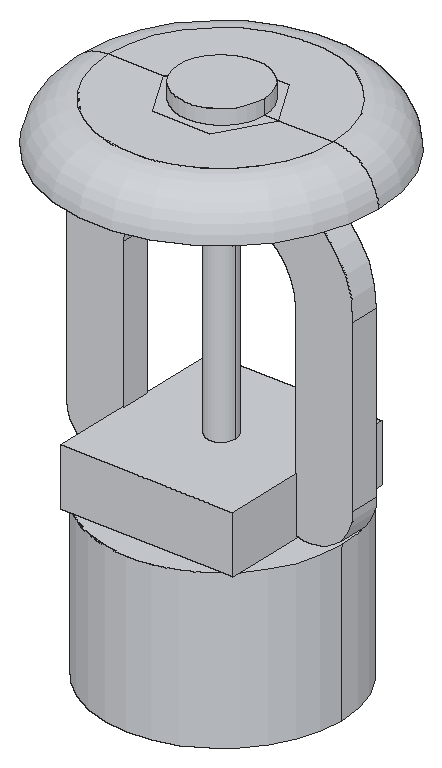
Revit family
Parameters (values of type "RASCO F1FR UPRIGHT")
  Temperature Rating = 286 °F
  Response = 1
  RASCO SIN # = "R3622"
  RASCO Part # = "F1FRU3LB"
  Pressure Rating = "175 PSI"
  Pressure Class = (empty or 0)
  Orifice Size = 17/32"
  Orifice = (empty or 0)
  Model = "F1FR"
  Manufacturer = "RASCO"
  K-Factor = 8
  Description = "Brz. Finish"
  Coverage = (empty or 0)
Reference planes (in)
  plane 1 "Center (Front/Back)": y = 0
  plane 2: z = 0
  plane 3 "Center (Left/Right)": x = 0
Dimensions and locks (in)
  aligned and locked: plane 2 to level
Nested families (in)
  nested 1: "F1FRU3LB" at (0.08649, -0.09703, 0), type "RASCO F1FR UPRIGHT"
Connectors (in)
  piping at (0.08649, -0.09703, 0)
    settings: on nested 1, index 1, connector radius 1/2", flow factor 0, pipe flow 0 GPM, pressure drop 0.00 psi, fitting loss kfactor 0, connector angle 0.00°, fixture units 0, flow configuration 0, flow direction 0, fitting loss method 0, system type 7, connector reference index -1, connector utility 0, adjustable connector no, is connector primary yes, fitting loss table "", connector description ""
Definition of nested family "F1FRU3LB"
  Parameters (values of type "RASCO F1FR UPRIGHT")
    Type Comments = ""
    Temperature Rating = 0 °F
    Response = (empty or 0)
    Pressure Rating = "0"
    Pressure Class = (empty or 0)
    Orifice Size = 0"
    Orifice = (empty or 0)
    Model = ""
    Manufacturer = ""
    K-Factor = 0
    Description = ""
    Coverage = (empty or 0)
    Assembly Code = ""
  Reference planes (in)
    plane 1 "Center (Front/Back)": y = 0
    plane 2: z = 0
    plane 3 "ref.2": z = 0.6875
    plane 4 "ref.3": z = 0.9375
    plane 5: x = -0.38065
    plane 6: x = 0.36935
    plane 7 "ref. side 1": y = 0.06402
    plane 8 "ref. side 2": y = -0.06098
    plane 9 "ref.4": z = 1.875
    plane 10 "ref.5": z = 2.3125
    plane 11 "ref.6": z = 2.4375
  Forms (in)
    Extrusion 1, solid
      sketch origin (0, 0, 0) x (1, 0, 0) y (0, 1, 0)
        loop
          circle (0, 0) r 0.5221
      from 0 to 0.6875
    Extrusion 2, solid
      sketch origin (-0.12185, 0.05177, 0.6875) x (1, 0, 0) y (0, 1, 0)
        loop
          line (-0.2588, 0.356) -> (-0.2588, -0.4565) -> (0.4912, -0.4565) -> (0.4912, 0.356) -> (-0.2588, 0.356)
      from 0 to 0.25
    Extrusion 3, solid
      sketch origin (0, 0, 0) x (1, 0, 0) y (0, 0, 1)
        loop
          line (-0.38065, 0.69674) -> (-0.38065, 1.58397)
          arc (-0.38065, 1.58397) -> (-0.29541, 1.78976) -> (-0.08962, 1.875) r 0.29103
          line (-0.08962, 1.875) -> (0.07524, 1.875)
          arc (0.07524, 1.875) -> (0.28321, 1.78886) -> (0.36935, 1.58089) r 0.29411
          line (0.36935, 1.58089) -> (0.36935, 0.69728)
          arc (0.36935, 0.69728) -> (0.54046, 0.72329) -> (0.61935, 0.87734) r 0.18984
          line (0.61935, 0.87734) -> (0.61935, 1.61676)
          arc (0.61935, 1.61676) -> (0.48879, 1.93194) -> (0.17361, 2.0625) r 0.44574
          line (0.17361, 2.0625) -> (-0.18509, 2.0625)
          arc (-0.18509, 2.0625) -> (-0.50015, 1.932) -> (-0.63065, 1.61694) r 0.44556
          line (-0.63065, 1.61694) -> (-0.63065, 0.87876)
          arc (-0.63065, 0.87876) -> (-0.55196, 0.72414) -> (-0.38065, 0.69674) r 0.19126
      from -0.06402 to 0.06098
    Extrusion 4, solid
      sketch origin (0, 0, 0.9375) x (-1, 0, 0) y (0, -1, 0)
        loop
          circle (0.00574, -0.00152) r 0.0625
      from 0 to 0.9375
    Extrusion 5, solid
      sketch origin (0, 0, 1.875) x (-1, 0, 0) y (0, -1, 0)
        loop
          circle (0.00574, -0.00152) r 0.1875
      from 0 to 0.4375
    Revolve 6, solid
      sketch origin (0, 0, -0.2777) x (1, 0, 0) y (0, 0, 1)
        loop
          line (-0.19324, 2.33367) -> (-0.19324, 2.52696) -> (-0.25733, 2.52696) -> (-0.49638, 2.52696)
          arc (-0.49638, 2.52696) -> (-0.63432, 2.47056) -> (-0.69321, 2.33367) r 0.19686
          line (-0.69321, 2.33367) -> (-0.19324, 2.33367)
        axis (-0.00574, 2.33367) -> (-0.00574, 2.52696)
      angle from 0 to 360
  Cuts and joins
    joined: Extrusion 1, Extrusion 2, Extrusion 4, Revolve 6
  Lines and regions (in)
    model lines
      curve 1: line (-0.00574, 0.06402, 1.875) -> (-0.00574, -0.06098, 1.875)
  Dimensions and locks (in)
    Extrusion 3 to Extrusion 3 = 0' - 1 1/4"
    Extrusion 5 to cut or joined group of Extrusion 1, Extrusion 2, Extrusion 4, Revolve 6 = 0' - 2 5/16"
